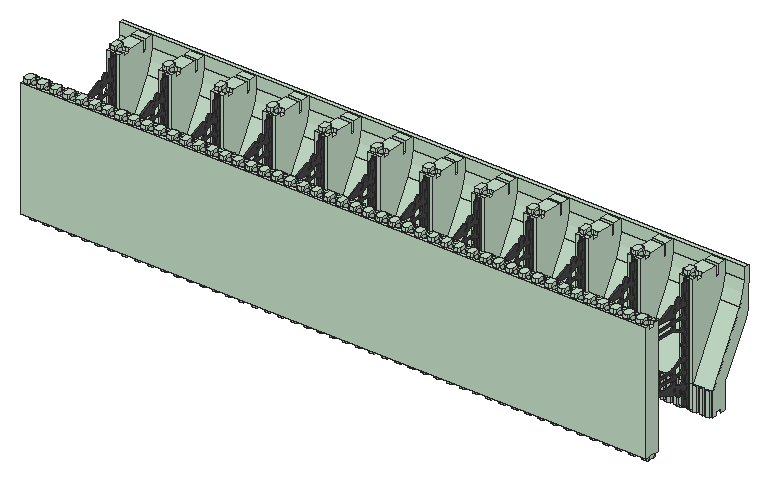
Revit family (continued)
Forms (mm)
  Extrusion 114, void
    sketch origin (2184.4, 0.011, 0) x (1, 0, 0) y (0, 1, 0)
      loop
        arc (25.4, 101.014) -> (26.615, 97.278) -> (29.796, 94.972) r 6.35
        arc (29.796, 94.972) -> (36.091, 93.737) -> (42.5, 94.024) r 26.988
        arc (42.5, 94.024) -> (43.786, 93.668) -> (44.346, 92.457) r 1.587
        line (44.346, 92.457) -> (44.346, 86.829) -> (48.685, 86.829) -> (48.685, 95.62)
        arc (48.685, 95.62) -> (48.795, 96.199) -> (49.108, 96.698) r 1.588
        arc (49.108, 96.698) -> (50.362, 98.696) -> (50.8, 101.014) r 6.35
        line (50.8, 101.014) -> (50.8, 124.411)
        arc (50.8, 124.411) -> (49.585, 128.147) -> (46.404, 130.453) r 6.35
        arc (46.404, 130.453) -> (38.1, 131.763) -> (29.796, 130.453) r 26.987
        arc (29.796, 130.453) -> (26.615, 128.147) -> (25.4, 124.411) r 6.35
    from 0 to 12.7
  Extrusion 115, void
    sketch origin (2133.6, 0.011, 0) x (1, 0, 0) y (0, 1, 0)
      loop
        line (25.4, 124.411) -> (25.4, 101.014)
        arc (25.4, 101.014) -> (26.615, 97.278) -> (29.796, 94.972) r 6.35
        arc (29.796, 94.972) -> (36.091, 93.737) -> (42.5, 94.024) r 26.988
        arc (42.5, 94.024) -> (43.786, 93.668) -> (44.346, 92.457) r 1.587
        line (44.346, 92.457) -> (44.346, 86.829) -> (48.685, 86.829) -> (48.685, 95.62)
        arc (48.685, 95.62) -> (48.795, 96.199) -> (49.108, 96.698) r 1.588
        arc (49.108, 96.698) -> (50.362, 98.696) -> (50.8, 101.014) r 6.35
        line (50.8, 101.014) -> (50.8, 124.411)
        arc (50.8, 124.411) -> (49.585, 128.147) -> (46.404, 130.453) r 6.35
        arc (46.404, 130.453) -> (38.1, 131.763) -> (29.796, 130.453) r 26.987
        arc (29.796, 130.453) -> (26.615, 128.147) -> (25.4, 124.411) r 6.35
    from 0 to 12.7
  Extrusion 116, void
    sketch origin (2082.8, 0.011, 0) x (1, 0, 0) y (0, 1, 0)
      loop
        line (25.4, 124.411) -> (25.4, 101.014)
        arc (25.4, 101.014) -> (26.615, 97.278) -> (29.796, 94.972) r 6.35
        arc (29.796, 94.972) -> (36.091, 93.737) -> (42.5, 94.024) r 26.988
        arc (42.5, 94.024) -> (43.786, 93.668) -> (44.346, 92.457) r 1.587
        line (44.346, 92.457) -> (44.346, 86.829) -> (48.685, 86.829) -> (48.685, 95.62)
        arc (48.685, 95.62) -> (48.795, 96.199) -> (49.108, 96.698) r 1.588
        arc (49.108, 96.698) -> (50.362, 98.696) -> (50.8, 101.014) r 6.35
        line (50.8, 101.014) -> (50.8, 124.411)
        arc (50.8, 124.411) -> (49.585, 128.147) -> (46.404, 130.453) r 6.35
        arc (46.404, 130.453) -> (38.1, 131.763) -> (29.796, 130.453) r 26.987
        arc (29.796, 130.453) -> (26.615, 128.147) -> (25.4, 124.411) r 6.35
    from 0 to 12.7
  Extrusion 117, void
    sketch origin (2032, 0.011, 0) x (1, 0, 0) y (0, 1, 0)
      loop
        line (25.4, 124.411) -> (25.4, 101.014)
        arc (25.4, 101.014) -> (26.615, 97.278) -> (29.796, 94.972) r 6.35
        arc (29.796, 94.972) -> (36.091, 93.737) -> (42.5, 94.024) r 26.988
        arc (42.5, 94.024) -> (43.786, 93.668) -> (44.346, 92.457) r 1.587
        line (44.346, 92.457) -> (44.346, 86.829) -> (48.685, 86.829) -> (48.685, 95.62)
        arc (48.685, 95.62) -> (48.795, 96.199) -> (49.108, 96.698) r 1.588
        arc (49.108, 96.698) -> (50.362, 98.696) -> (50.8, 101.014) r 6.35
        line (50.8, 101.014) -> (50.8, 124.411)
        arc (50.8, 124.411) -> (49.585, 128.147) -> (46.404, 130.453) r 6.35
        arc (46.404, 130.453) -> (38.1, 131.763) -> (29.796, 130.453) r 26.987
        arc (29.796, 130.453) -> (26.615, 128.147) -> (25.4, 124.411) r 6.35
    from 0 to 12.7
  Extrusion 118, void
    sketch origin (1981.2, 0.011, 0) x (1, 0, 0) y (0, 1, 0)
      loop
        line (25.4, 124.411) -> (25.4, 101.014)
        arc (25.4, 101.014) -> (26.615, 97.278) -> (29.796, 94.972) r 6.35
        arc (29.796, 94.972) -> (36.091, 93.737) -> (42.5, 94.024) r 26.988
        arc (42.5, 94.024) -> (43.786, 93.668) -> (44.346, 92.457) r 1.587
        line (44.346, 92.457) -> (44.346, 86.829) -> (48.685, 86.829) -> (48.685, 95.62)
        arc (48.685, 95.62) -> (48.795, 96.199) -> (49.108, 96.698) r 1.588
        arc (49.108, 96.698) -> (50.362, 98.696) -> (50.8, 101.014) r 6.35
        line (50.8, 101.014) -> (50.8, 124.411)
        arc (50.8, 124.411) -> (49.585, 128.147) -> (46.404, 130.453) r 6.35
        arc (46.404, 130.453) -> (38.1, 131.763) -> (29.796, 130.453) r 26.987
        arc (29.796, 130.453) -> (26.615, 128.147) -> (25.4, 124.411) r 6.35
    from 0 to 12.7
  Extrusion 119, void
    sketch origin (1930.4, 0.011, 0) x (1, 0, 0) y (0, 1, 0)
      loop
        line (25.4, 124.411) -> (25.4, 101.014)
        arc (25.4, 101.014) -> (26.615, 97.278) -> (29.796, 94.972) r 6.35
        arc (29.796, 94.972) -> (36.091, 93.737) -> (42.5, 94.024) r 26.988
        arc (42.5, 94.024) -> (43.786, 93.668) -> (44.346, 92.457) r 1.587
        line (44.346, 92.457) -> (44.346, 86.829) -> (48.685, 86.829) -> (48.685, 95.62)
        arc (48.685, 95.62) -> (48.795, 96.199) -> (49.108, 96.698) r 1.588
        arc (49.108, 96.698) -> (50.362, 98.696) -> (50.8, 101.014) r 6.35
        line (50.8, 101.014) -> (50.8, 124.411)
        arc (50.8, 124.411) -> (49.585, 128.147) -> (46.404, 130.453) r 6.35
        arc (46.404, 130.453) -> (38.1, 131.763) -> (29.796, 130.453) r 26.987
        arc (29.796, 130.453) -> (26.615, 128.147) -> (25.4, 124.411) r 6.35
    from 0 to 12.7
  Extrusion 120, void
    sketch origin (1879.6, 0.011, 0) x (1, 0, 0) y (0, 1, 0)
      loop
        line (25.4, 124.411) -> (25.4, 101.014)
        arc (25.4, 101.014) -> (26.615, 97.278) -> (29.796, 94.972) r 6.35
        arc (29.796, 94.972) -> (36.091, 93.737) -> (42.5, 94.024) r 26.988
        arc (42.5, 94.024) -> (43.786, 93.668) -> (44.346, 92.457) r 1.587
        line (44.346, 92.457) -> (44.346, 86.829) -> (48.685, 86.829) -> (48.685, 95.62)
        arc (48.685, 95.62) -> (48.795, 96.199) -> (49.108, 96.698) r 1.588
        arc (49.108, 96.698) -> (50.362, 98.696) -> (50.8, 101.014) r 6.35
        line (50.8, 101.014) -> (50.8, 124.411)
        arc (50.8, 124.411) -> (49.585, 128.147) -> (46.404, 130.453) r 6.35
        arc (46.404, 130.453) -> (38.1, 131.763) -> (29.796, 130.453) r 26.987
        arc (29.796, 130.453) -> (26.615, 128.147) -> (25.4, 124.411) r 6.35
    from 0 to 12.7
  Extrusion 121, void
    sketch origin (1828.8, 0.011, 0) x (1, 0, 0) y (0, 1, 0)
      loop
        line (25.4, 124.411) -> (25.4, 101.014)
        arc (25.4, 101.014) -> (26.615, 97.278) -> (29.796, 94.972) r 6.35
        arc (29.796, 94.972) -> (36.091, 93.737) -> (42.5, 94.024) r 26.988
        arc (42.5, 94.024) -> (43.786, 93.668) -> (44.346, 92.457) r 1.587
        line (44.346, 92.457) -> (44.346, 86.829) -> (48.685, 86.829) -> (48.685, 95.62)
        arc (48.685, 95.62) -> (48.795, 96.199) -> (49.108, 96.698) r 1.588
        arc (49.108, 96.698) -> (50.362, 98.696) -> (50.8, 101.014) r 6.35
        line (50.8, 101.014) -> (50.8, 124.411)
        arc (50.8, 124.411) -> (49.585, 128.147) -> (46.404, 130.453) r 6.35
        arc (46.404, 130.453) -> (38.1, 131.763) -> (29.796, 130.453) r 26.987
        arc (29.796, 130.453) -> (26.615, 128.147) -> (25.4, 124.411) r 6.35
    from 0 to 12.7
  Extrusion 122, void
    sketch origin (1778, 0.011, 0) x (1, 0, 0) y (0, 1, 0)
      loop
        line (25.4, 124.411) -> (25.4, 101.014)
        arc (25.4, 101.014) -> (26.615, 97.278) -> (29.796, 94.972) r 6.35
        arc (29.796, 94.972) -> (36.091, 93.737) -> (42.5, 94.024) r 26.988
        arc (42.5, 94.024) -> (43.786, 93.668) -> (44.346, 92.457) r 1.587
        line (44.346, 92.457) -> (44.346, 86.829) -> (48.685, 86.829) -> (48.685, 95.62)
        arc (48.685, 95.62) -> (48.795, 96.199) -> (49.108, 96.698) r 1.588
        arc (49.108, 96.698) -> (50.362, 98.696) -> (50.8, 101.014) r 6.35
        line (50.8, 101.014) -> (50.8, 124.411)
        arc (50.8, 124.411) -> (49.585, 128.147) -> (46.404, 130.453) r 6.35
        arc (46.404, 130.453) -> (38.1, 131.763) -> (29.796, 130.453) r 26.987
        arc (29.796, 130.453) -> (26.615, 128.147) -> (25.4, 124.411) r 6.35
    from 0 to 12.7
  Extrusion 123, void
    sketch origin (1727.2, 0.011, 0) x (1, 0, 0) y (0, 1, 0)
      loop
        line (25.4, 124.411) -> (25.4, 101.014)
        arc (25.4, 101.014) -> (26.615, 97.278) -> (29.796, 94.972) r 6.35
        arc (29.796, 94.972) -> (36.091, 93.737) -> (42.5, 94.024) r 26.988
        arc (42.5, 94.024) -> (43.786, 93.668) -> (44.346, 92.457) r 1.587
        line (44.346, 92.457) -> (44.346, 86.829) -> (48.685, 86.829) -> (48.685, 95.62)
        arc (48.685, 95.62) -> (48.795, 96.199) -> (49.108, 96.698) r 1.588
        arc (49.108, 96.698) -> (50.362, 98.696) -> (50.8, 101.014) r 6.35
        line (50.8, 101.014) -> (50.8, 124.411)
        arc (50.8, 124.411) -> (49.585, 128.147) -> (46.404, 130.453) r 6.35
        arc (46.404, 130.453) -> (38.1, 131.763) -> (29.796, 130.453) r 26.987
        arc (29.796, 130.453) -> (26.615, 128.147) -> (25.4, 124.411) r 6.35
    from 0 to 12.7
  Extrusion 124, void
    sketch origin (1676.4, 0.011, 0) x (1, 0, 0) y (0, 1, 0)
      loop
        line (25.4, 124.411) -> (25.4, 101.014)
        arc (25.4, 101.014) -> (26.615, 97.278) -> (29.796, 94.972) r 6.35
        arc (29.796, 94.972) -> (36.091, 93.737) -> (42.5, 94.024) r 26.988
        arc (42.5, 94.024) -> (43.786, 93.668) -> (44.346, 92.457) r 1.587
        line (44.346, 92.457) -> (44.346, 86.829) -> (48.685, 86.829) -> (48.685, 95.62)
        arc (48.685, 95.62) -> (48.795, 96.199) -> (49.108, 96.698) r 1.588
        arc (49.108, 96.698) -> (50.362, 98.696) -> (50.8, 101.014) r 6.35
        line (50.8, 101.014) -> (50.8, 124.411)
        arc (50.8, 124.411) -> (49.585, 128.147) -> (46.404, 130.453) r 6.35
        arc (46.404, 130.453) -> (38.1, 131.763) -> (29.796, 130.453) r 26.987
        arc (29.796, 130.453) -> (26.615, 128.147) -> (25.4, 124.411) r 6.35
    from 0 to 12.7
  Extrusion 125, void
    sketch origin (1625.6, 0.011, 0) x (1, 0, 0) y (0, 1, 0)
      loop
        line (25.4, 124.411) -> (25.4, 101.014)
        arc (25.4, 101.014) -> (26.615, 97.278) -> (29.796, 94.972) r 6.35
        arc (29.796, 94.972) -> (36.091, 93.737) -> (42.5, 94.024) r 26.988
        arc (42.5, 94.024) -> (43.786, 93.668) -> (44.346, 92.457) r 1.587
        line (44.346, 92.457) -> (44.346, 86.829) -> (48.685, 86.829) -> (48.685, 95.62)
        arc (48.685, 95.62) -> (48.795, 96.199) -> (49.108, 96.698) r 1.588
        arc (49.108, 96.698) -> (50.362, 98.696) -> (50.8, 101.014) r 6.35
        line (50.8, 101.014) -> (50.8, 124.411)
        arc (50.8, 124.411) -> (49.585, 128.147) -> (46.404, 130.453) r 6.35
        arc (46.404, 130.453) -> (38.1, 131.763) -> (29.796, 130.453) r 26.987
        arc (29.796, 130.453) -> (26.615, 128.147) -> (25.4, 124.411) r 6.35
    from 0 to 12.7
  Extrusion 126, void
    sketch origin (1574.8, 0.011, 0) x (1, 0, 0) y (0, 1, 0)
      loop
        line (25.4, 124.411) -> (25.4, 101.014)
        arc (25.4, 101.014) -> (26.615, 97.278) -> (29.796, 94.972) r 6.35
        arc (29.796, 94.972) -> (36.091, 93.737) -> (42.5, 94.024) r 26.988
        arc (42.5, 94.024) -> (43.786, 93.668) -> (44.346, 92.457) r 1.587
        line (44.346, 92.457) -> (44.346, 86.829) -> (48.685, 86.829) -> (48.685, 95.62)
        arc (48.685, 95.62) -> (48.795, 96.199) -> (49.108, 96.698) r 1.588
        arc (49.108, 96.698) -> (50.362, 98.696) -> (50.8, 101.014) r 6.35
        line (50.8, 101.014) -> (50.8, 124.411)
        arc (50.8, 124.411) -> (49.585, 128.147) -> (46.404, 130.453) r 6.35
        arc (46.404, 130.453) -> (38.1, 131.763) -> (29.796, 130.453) r 26.987
        arc (29.796, 130.453) -> (26.615, 128.147) -> (25.4, 124.411) r 6.35
    from 0 to 12.7
  Extrusion 127, void
    sketch origin (1524, 0.011, 0) x (1, 0, 0) y (0, 1, 0)
      loop
        line (25.4, 124.411) -> (25.4, 101.014)
        arc (25.4, 101.014) -> (26.615, 97.278) -> (29.796, 94.972) r 6.35
        arc (29.796, 94.972) -> (36.091, 93.737) -> (42.5, 94.024) r 26.988
        arc (42.5, 94.024) -> (43.786, 93.668) -> (44.346, 92.457) r 1.587
        line (44.346, 92.457) -> (44.346, 86.829) -> (48.685, 86.829) -> (48.685, 95.62)
        arc (48.685, 95.62) -> (48.795, 96.199) -> (49.108, 96.698) r 1.588
        arc (49.108, 96.698) -> (50.362, 98.696) -> (50.8, 101.014) r 6.35
        line (50.8, 101.014) -> (50.8, 124.411)
        arc (50.8, 124.411) -> (49.585, 128.147) -> (46.404, 130.453) r 6.35
        arc (46.404, 130.453) -> (38.1, 131.763) -> (29.796, 130.453) r 26.987
        arc (29.796, 130.453) -> (26.615, 128.147) -> (25.4, 124.411) r 6.35
    from 0 to 12.7
  Extrusion 128, void
    sketch origin (1473.2, 0.011, 0) x (1, 0, 0) y (0, 1, 0)
      loop
        line (25.4, 124.411) -> (25.4, 101.014)
        arc (25.4, 101.014) -> (26.615, 97.278) -> (29.796, 94.972) r 6.35
        arc (29.796, 94.972) -> (36.091, 93.737) -> (42.5, 94.024) r 26.988
        arc (42.5, 94.024) -> (43.786, 93.668) -> (44.346, 92.457) r 1.587
        line (44.346, 92.457) -> (44.346, 86.829) -> (48.685, 86.829) -> (48.685, 95.62)
        arc (48.685, 95.62) -> (48.795, 96.199) -> (49.108, 96.698) r 1.588
        arc (49.108, 96.698) -> (50.362, 98.696) -> (50.8, 101.014) r 6.35
        line (50.8, 101.014) -> (50.8, 124.411)
        arc (50.8, 124.411) -> (49.585, 128.147) -> (46.404, 130.453) r 6.35
        arc (46.404, 130.453) -> (38.1, 131.763) -> (29.796, 130.453) r 26.987
        arc (29.796, 130.453) -> (26.615, 128.147) -> (25.4, 124.411) r 6.35
    from 0 to 12.7
  Extrusion 129, void
    sketch origin (1422.4, 0.011, 0) x (1, 0, 0) y (0, 1, 0)
      loop
        line (25.4, 124.411) -> (25.4, 101.014)
        arc (25.4, 101.014) -> (26.615, 97.278) -> (29.796, 94.972) r 6.35
        arc (29.796, 94.972) -> (36.091, 93.737) -> (42.5, 94.024) r 26.988
        arc (42.5, 94.024) -> (43.786, 93.668) -> (44.346, 92.457) r 1.587
        line (44.346, 92.457) -> (44.346, 86.829) -> (48.685, 86.829) -> (48.685, 95.62)
        arc (48.685, 95.62) -> (48.795, 96.199) -> (49.108, 96.698) r 1.588
        arc (49.108, 96.698) -> (50.362, 98.696) -> (50.8, 101.014) r 6.35
        line (50.8, 101.014) -> (50.8, 124.411)
        arc (50.8, 124.411) -> (49.585, 128.147) -> (46.404, 130.453) r 6.35
        arc (46.404, 130.453) -> (38.1, 131.763) -> (29.796, 130.453) r 26.987
        arc (29.796, 130.453) -> (26.615, 128.147) -> (25.4, 124.411) r 6.35
    from 0 to 12.7
  Extrusion 130, void
    sketch origin (1371.6, 0.011, 0) x (1, 0, 0) y (0, 1, 0)
      loop
        line (25.4, 124.411) -> (25.4, 101.014)
        arc (25.4, 101.014) -> (26.615, 97.278) -> (29.796, 94.972) r 6.35
        arc (29.796, 94.972) -> (36.091, 93.737) -> (42.5, 94.024) r 26.988
        arc (42.5, 94.024) -> (43.786, 93.668) -> (44.346, 92.457) r 1.587
        line (44.346, 92.457) -> (44.346, 86.829) -> (48.685, 86.829) -> (48.685, 95.62)
        arc (48.685, 95.62) -> (48.795, 96.199) -> (49.108, 96.698) r 1.588
        arc (49.108, 96.698) -> (50.362, 98.696) -> (50.8, 101.014) r 6.35
        line (50.8, 101.014) -> (50.8, 124.411)
        arc (50.8, 124.411) -> (49.585, 128.147) -> (46.404, 130.453) r 6.35
        arc (46.404, 130.453) -> (38.1, 131.763) -> (29.796, 130.453) r 26.987
        arc (29.796, 130.453) -> (26.615, 128.147) -> (25.4, 124.411) r 6.35
    from 0 to 12.7
  Extrusion 131, void
    sketch origin (1320.8, 0.011, 0) x (1, 0, 0) y (0, 1, 0)
      loop
        line (25.4, 124.411) -> (25.4, 101.014)
        arc (25.4, 101.014) -> (26.615, 97.278) -> (29.796, 94.972) r 6.35
        arc (29.796, 94.972) -> (36.091, 93.737) -> (42.5, 94.024) r 26.988
        arc (42.5, 94.024) -> (43.786, 93.668) -> (44.346, 92.457) r 1.587
        line (44.346, 92.457) -> (44.346, 86.829) -> (48.685, 86.829) -> (48.685, 95.62)
        arc (48.685, 95.62) -> (48.795, 96.199) -> (49.108, 96.698) r 1.588
        arc (49.108, 96.698) -> (50.362, 98.696) -> (50.8, 101.014) r 6.35
        line (50.8, 101.014) -> (50.8, 124.411)
        arc (50.8, 124.411) -> (49.585, 128.147) -> (46.404, 130.453) r 6.35
        arc (46.404, 130.453) -> (38.1, 131.763) -> (29.796, 130.453) r 26.987
        arc (29.796, 130.453) -> (26.615, 128.147) -> (25.4, 124.411) r 6.35
    from 0 to 12.7
  Extrusion 132, void
    sketch origin (1270, 0.011, 0) x (1, 0, 0) y (0, 1, 0)
      loop
        line (25.4, 124.411) -> (25.4, 101.014)
        arc (25.4, 101.014) -> (26.615, 97.278) -> (29.796, 94.972) r 6.35
        arc (29.796, 94.972) -> (36.091, 93.737) -> (42.5, 94.024) r 26.988
        arc (42.5, 94.024) -> (43.786, 93.668) -> (44.346, 92.457) r 1.587
        line (44.346, 92.457) -> (44.346, 86.829) -> (48.685, 86.829) -> (48.685, 95.62)
        arc (48.685, 95.62) -> (48.795, 96.199) -> (49.108, 96.698) r 1.588
        arc (49.108, 96.698) -> (50.362, 98.696) -> (50.8, 101.014) r 6.35
        line (50.8, 101.014) -> (50.8, 124.411)
        arc (50.8, 124.411) -> (49.585, 128.147) -> (46.404, 130.453) r 6.35
        arc (46.404, 130.453) -> (38.1, 131.763) -> (29.796, 130.453) r 26.987
        arc (29.796, 130.453) -> (26.615, 128.147) -> (25.4, 124.411) r 6.35
    from 0 to 12.7
  Extrusion 133, void
    sketch origin (1219.2, 0.011, 0) x (1, 0, 0) y (0, 1, 0)
      loop
        line (25.4, 124.411) -> (25.4, 101.014)
        arc (25.4, 101.014) -> (26.615, 97.278) -> (29.796, 94.972) r 6.35
        arc (29.796, 94.972) -> (36.091, 93.737) -> (42.5, 94.024) r 26.988
        arc (42.5, 94.024) -> (43.786, 93.668) -> (44.346, 92.457) r 1.587
        line (44.346, 92.457) -> (44.346, 86.829) -> (48.685, 86.829) -> (48.685, 95.62)
        arc (48.685, 95.62) -> (48.795, 96.199) -> (49.108, 96.698) r 1.588
        arc (49.108, 96.698) -> (50.362, 98.696) -> (50.8, 101.014) r 6.35
        line (50.8, 101.014) -> (50.8, 124.411)
        arc (50.8, 124.411) -> (49.585, 128.147) -> (46.404, 130.453) r 6.35
        arc (46.404, 130.453) -> (38.1, 131.763) -> (29.796, 130.453) r 26.987
        arc (29.796, 130.453) -> (26.615, 128.147) -> (25.4, 124.411) r 6.35
    from 0 to 12.7
  Extrusion 134, void
    sketch origin (1168.4, 0.011, 0) x (1, 0, 0) y (0, 1, 0)
      loop
        line (25.4, 124.411) -> (25.4, 101.014)
        arc (25.4, 101.014) -> (26.615, 97.278) -> (29.796, 94.972) r 6.35
        arc (29.796, 94.972) -> (36.091, 93.737) -> (42.5, 94.024) r 26.988
        arc (42.5, 94.024) -> (43.786, 93.668) -> (44.346, 92.457) r 1.587
        line (44.346, 92.457) -> (44.346, 86.829) -> (48.685, 86.829) -> (48.685, 95.62)
        arc (48.685, 95.62) -> (48.795, 96.199) -> (49.108, 96.698) r 1.588
        arc (49.108, 96.698) -> (50.362, 98.696) -> (50.8, 101.014) r 6.35
        line (50.8, 101.014) -> (50.8, 124.411)
        arc (50.8, 124.411) -> (49.585, 128.147) -> (46.404, 130.453) r 6.35
        arc (46.404, 130.453) -> (38.1, 131.763) -> (29.796, 130.453) r 26.987
        arc (29.796, 130.453) -> (26.615, 128.147) -> (25.4, 124.411) r 6.35
    from 0 to 12.7
  Extrusion 135, void
    sketch origin (1117.6, 0.011, 0) x (1, 0, 0) y (0, 1, 0)
      loop
        line (25.4, 124.411) -> (25.4, 101.014)
        arc (25.4, 101.014) -> (26.615, 97.278) -> (29.796, 94.972) r 6.35
        arc (29.796, 94.972) -> (36.091, 93.737) -> (42.5, 94.024) r 26.988
        arc (42.5, 94.024) -> (43.786, 93.668) -> (44.346, 92.457) r 1.587
        line (44.346, 92.457) -> (44.346, 86.829) -> (48.685, 86.829) -> (48.685, 95.62)
        arc (48.685, 95.62) -> (48.795, 96.199) -> (49.108, 96.698) r 1.588
        arc (49.108, 96.698) -> (50.362, 98.696) -> (50.8, 101.014) r 6.35
        line (50.8, 101.014) -> (50.8, 124.411)
        arc (50.8, 124.411) -> (49.585, 128.147) -> (46.404, 130.453) r 6.35
        arc (46.404, 130.453) -> (38.1, 131.763) -> (29.796, 130.453) r 26.987
        arc (29.796, 130.453) -> (26.615, 128.147) -> (25.4, 124.411) r 6.35
    from 0 to 12.7
  Extrusion 136, void
    sketch origin (1066.8, 0.011, 0) x (1, 0, 0) y (0, 1, 0)
      loop
        line (25.4, 124.411) -> (25.4, 101.014)
        arc (25.4, 101.014) -> (26.615, 97.278) -> (29.796, 94.972) r 6.35
        arc (29.796, 94.972) -> (36.091, 93.737) -> (42.5, 94.024) r 26.988
        arc (42.5, 94.024) -> (43.786, 93.668) -> (44.346, 92.457) r 1.587
        line (44.346, 92.457) -> (44.346, 86.829) -> (48.685, 86.829) -> (48.685, 95.62)
        arc (48.685, 95.62) -> (48.795, 96.199) -> (49.108, 96.698) r 1.588
        arc (49.108, 96.698) -> (50.362, 98.696) -> (50.8, 101.014) r 6.35
        line (50.8, 101.014) -> (50.8, 124.411)
        arc (50.8, 124.411) -> (49.585, 128.147) -> (46.404, 130.453) r 6.35
        arc (46.404, 130.453) -> (38.1, 131.763) -> (29.796, 130.453) r 26.987
        arc (29.796, 130.453) -> (26.615, 128.147) -> (25.4, 124.411) r 6.35
    from 0 to 12.7
  Extrusion 137, void
    sketch origin (1016, 0.011, 0) x (1, 0, 0) y (0, 1, 0)
      loop
        line (25.4, 124.411) -> (25.4, 101.014)
        arc (25.4, 101.014) -> (26.615, 97.278) -> (29.796, 94.972) r 6.35
        arc (29.796, 94.972) -> (36.091, 93.737) -> (42.5, 94.024) r 26.988
        arc (42.5, 94.024) -> (43.786, 93.668) -> (44.346, 92.457) r 1.587
        line (44.346, 92.457) -> (44.346, 86.829) -> (48.685, 86.829) -> (48.685, 95.62)
        arc (48.685, 95.62) -> (48.795, 96.199) -> (49.108, 96.698) r 1.588
        arc (49.108, 96.698) -> (50.362, 98.696) -> (50.8, 101.014) r 6.35
        line (50.8, 101.014) -> (50.8, 124.411)
        arc (50.8, 124.411) -> (49.585, 128.147) -> (46.404, 130.453) r 6.35
        arc (46.404, 130.453) -> (38.1, 131.763) -> (29.796, 130.453) r 26.987
        arc (29.796, 130.453) -> (26.615, 128.147) -> (25.4, 124.411) r 6.35
    from 0 to 12.7
  Extrusion 138, void
    sketch origin (965.2, 0.011, 0) x (1, 0, 0) y (0, 1, 0)
      loop
        line (25.4, 124.411) -> (25.4, 101.014)
        arc (25.4, 101.014) -> (26.615, 97.278) -> (29.796, 94.972) r 6.35
        arc (29.796, 94.972) -> (36.091, 93.737) -> (42.5, 94.024) r 26.988
        arc (42.5, 94.024) -> (43.786, 93.668) -> (44.346, 92.457) r 1.587
        line (44.346, 92.457) -> (44.346, 86.829) -> (48.685, 86.829) -> (48.685, 95.62)
        arc (48.685, 95.62) -> (48.795, 96.199) -> (49.108, 96.698) r 1.588
        arc (49.108, 96.698) -> (50.362, 98.696) -> (50.8, 101.014) r 6.35
        line (50.8, 101.014) -> (50.8, 124.411)
        arc (50.8, 124.411) -> (49.585, 128.147) -> (46.404, 130.453) r 6.35
        arc (46.404, 130.453) -> (38.1, 131.763) -> (29.796, 130.453) r 26.987
        arc (29.796, 130.453) -> (26.615, 128.147) -> (25.4, 124.411) r 6.35
    from 0 to 12.7
  Extrusion 139, void
    sketch origin (914.4, 0.011, 0) x (1, 0, 0) y (0, 1, 0)
      loop
        line (25.4, 124.411) -> (25.4, 101.014)
        arc (25.4, 101.014) -> (26.615, 97.278) -> (29.796, 94.972) r 6.35
        arc (29.796, 94.972) -> (36.091, 93.737) -> (42.5, 94.024) r 26.988
        arc (42.5, 94.024) -> (43.786, 93.668) -> (44.346, 92.457) r 1.587
        line (44.346, 92.457) -> (44.346, 86.829) -> (48.685, 86.829) -> (48.685, 95.62)
        arc (48.685, 95.62) -> (48.795, 96.199) -> (49.108, 96.698) r 1.588
        arc (49.108, 96.698) -> (50.362, 98.696) -> (50.8, 101.014) r 6.35
        line (50.8, 101.014) -> (50.8, 124.411)
        arc (50.8, 124.411) -> (49.585, 128.147) -> (46.404, 130.453) r 6.35
        arc (46.404, 130.453) -> (38.1, 131.763) -> (29.796, 130.453) r 26.987
        arc (29.796, 130.453) -> (26.615, 128.147) -> (25.4, 124.411) r 6.35
    from 0 to 12.7
  Extrusion 140, void
    sketch origin (863.6, 0.011, 0) x (1, 0, 0) y (0, 1, 0)
      loop
        line (25.4, 124.411) -> (25.4, 101.014)
        arc (25.4, 101.014) -> (26.615, 97.278) -> (29.796, 94.972) r 6.35
        arc (29.796, 94.972) -> (36.091, 93.737) -> (42.5, 94.024) r 26.988
        arc (42.5, 94.024) -> (43.786, 93.668) -> (44.346, 92.457) r 1.587
        line (44.346, 92.457) -> (44.346, 86.829) -> (48.685, 86.829) -> (48.685, 95.62)
        arc (48.685, 95.62) -> (48.795, 96.199) -> (49.108, 96.698) r 1.588
        arc (49.108, 96.698) -> (50.362, 98.696) -> (50.8, 101.014) r 6.35
        line (50.8, 101.014) -> (50.8, 124.411)
        arc (50.8, 124.411) -> (49.585, 128.147) -> (46.404, 130.453) r 6.35
        arc (46.404, 130.453) -> (38.1, 131.763) -> (29.796, 130.453) r 26.987
        arc (29.796, 130.453) -> (26.615, 128.147) -> (25.4, 124.411) r 6.35
    from 0 to 12.7
  Extrusion 141, void
    sketch origin (812.8, 0.011, 0) x (1, 0, 0) y (0, 1, 0)
      loop
        line (25.4, 124.411) -> (25.4, 101.014)
        arc (25.4, 101.014) -> (26.615, 97.278) -> (29.796, 94.972) r 6.35
        arc (29.796, 94.972) -> (36.091, 93.737) -> (42.5, 94.024) r 26.988
        arc (42.5, 94.024) -> (43.786, 93.668) -> (44.346, 92.457) r 1.587
        line (44.346, 92.457) -> (44.346, 86.829) -> (48.685, 86.829) -> (48.685, 95.62)
        arc (48.685, 95.62) -> (48.795, 96.199) -> (49.108, 96.698) r 1.588
        arc (49.108, 96.698) -> (50.362, 98.696) -> (50.8, 101.014) r 6.35
        line (50.8, 101.014) -> (50.8, 124.411)
        arc (50.8, 124.411) -> (49.585, 128.147) -> (46.404, 130.453) r 6.35
        arc (46.404, 130.453) -> (38.1, 131.763) -> (29.796, 130.453) r 26.987
        arc (29.796, 130.453) -> (26.615, 128.147) -> (25.4, 124.411) r 6.35
    from 0 to 12.7
  Extrusion 142, void
    sketch origin (762, 0.011, 0) x (1, 0, 0) y (0, 1, 0)
      loop
        line (25.4, 124.411) -> (25.4, 101.014)
        arc (25.4, 101.014) -> (26.615, 97.278) -> (29.796, 94.972) r 6.35
        arc (29.796, 94.972) -> (36.091, 93.737) -> (42.5, 94.024) r 26.988
        arc (42.5, 94.024) -> (43.786, 93.668) -> (44.346, 92.457) r 1.587
        line (44.346, 92.457) -> (44.346, 86.829) -> (48.685, 86.829) -> (48.685, 95.62)
        arc (48.685, 95.62) -> (48.795, 96.199) -> (49.108, 96.698) r 1.588
        arc (49.108, 96.698) -> (50.362, 98.696) -> (50.8, 101.014) r 6.35
        line (50.8, 101.014) -> (50.8, 124.411)
        arc (50.8, 124.411) -> (49.585, 128.147) -> (46.404, 130.453) r 6.35
        arc (46.404, 130.453) -> (38.1, 131.763) -> (29.796, 130.453) r 26.987
        arc (29.796, 130.453) -> (26.615, 128.147) -> (25.4, 124.411) r 6.35
    from 0 to 12.7
  Extrusion 143, void
    sketch origin (711.2, 0.011, 0) x (1, 0, 0) y (0, 1, 0)
      loop
        line (25.4, 124.411) -> (25.4, 101.014)
        arc (25.4, 101.014) -> (26.615, 97.278) -> (29.796, 94.972) r 6.35
        arc (29.796, 94.972) -> (36.091, 93.737) -> (42.5, 94.024) r 26.988
        arc (42.5, 94.024) -> (43.786, 93.668) -> (44.346, 92.457) r 1.587
        line (44.346, 92.457) -> (44.346, 86.829) -> (48.685, 86.829) -> (48.685, 95.62)
        arc (48.685, 95.62) -> (48.795, 96.199) -> (49.108, 96.698) r 1.588
        arc (49.108, 96.698) -> (50.362, 98.696) -> (50.8, 101.014) r 6.35
        line (50.8, 101.014) -> (50.8, 124.411)
        arc (50.8, 124.411) -> (49.585, 128.147) -> (46.404, 130.453) r 6.35
        arc (46.404, 130.453) -> (38.1, 131.763) -> (29.796, 130.453) r 26.987
        arc (29.796, 130.453) -> (26.615, 128.147) -> (25.4, 124.411) r 6.35
    from 0 to 12.7
  Extrusion 144, void
    sketch origin (660.4, 0.011, 0) x (1, 0, 0) y (0, 1, 0)
      loop
        line (25.4, 124.411) -> (25.4, 101.014)
        arc (25.4, 101.014) -> (26.615, 97.278) -> (29.796, 94.972) r 6.35
        arc (29.796, 94.972) -> (36.091, 93.737) -> (42.5, 94.024) r 26.988
        arc (42.5, 94.024) -> (43.786, 93.668) -> (44.346, 92.457) r 1.587
        line (44.346, 92.457) -> (44.346, 86.829) -> (48.685, 86.829) -> (48.685, 95.62)
        arc (48.685, 95.62) -> (48.795, 96.199) -> (49.108, 96.698) r 1.588
        arc (49.108, 96.698) -> (50.362, 98.696) -> (50.8, 101.014) r 6.35
        line (50.8, 101.014) -> (50.8, 124.411)
        arc (50.8, 124.411) -> (49.585, 128.147) -> (46.404, 130.453) r 6.35
        arc (46.404, 130.453) -> (38.1, 131.763) -> (29.796, 130.453) r 26.987
        arc (29.796, 130.453) -> (26.615, 128.147) -> (25.4, 124.411) r 6.35
    from 0 to 12.7
  Extrusion 145, void
    sketch origin (609.6, 0.011, 0) x (1, 0, 0) y (0, 1, 0)
      loop
        line (25.4, 124.411) -> (25.4, 101.014)
        arc (25.4, 101.014) -> (26.615, 97.278) -> (29.796, 94.972) r 6.35
        arc (29.796, 94.972) -> (36.091, 93.737) -> (42.5, 94.024) r 26.988
        arc (42.5, 94.024) -> (43.786, 93.668) -> (44.346, 92.457) r 1.587
        line (44.346, 92.457) -> (44.346, 86.829) -> (48.685, 86.829) -> (48.685, 95.62)
        arc (48.685, 95.62) -> (48.795, 96.199) -> (49.108, 96.698) r 1.588
        arc (49.108, 96.698) -> (50.362, 98.696) -> (50.8, 101.014) r 6.35
        line (50.8, 101.014) -> (50.8, 124.411)
        arc (50.8, 124.411) -> (49.585, 128.147) -> (46.404, 130.453) r 6.35
        arc (46.404, 130.453) -> (38.1, 131.763) -> (29.796, 130.453) r 26.987
        arc (29.796, 130.453) -> (26.615, 128.147) -> (25.4, 124.411) r 6.35
    from 0 to 12.7
  Extrusion 146, void
    sketch origin (558.8, 0.011, 0) x (1, 0, 0) y (0, 1, 0)
      loop
        line (25.4, 124.411) -> (25.4, 101.014)
        arc (25.4, 101.014) -> (26.615, 97.278) -> (29.796, 94.972) r 6.35
        arc (29.796, 94.972) -> (36.091, 93.737) -> (42.5, 94.024) r 26.988
        arc (42.5, 94.024) -> (43.786, 93.668) -> (44.346, 92.457) r 1.587
        line (44.346, 92.457) -> (44.346, 86.829) -> (48.685, 86.829) -> (48.685, 95.62)
        arc (48.685, 95.62) -> (48.795, 96.199) -> (49.108, 96.698) r 1.588
        arc (49.108, 96.698) -> (50.362, 98.696) -> (50.8, 101.014) r 6.35
        line (50.8, 101.014) -> (50.8, 124.411)
        arc (50.8, 124.411) -> (49.585, 128.147) -> (46.404, 130.453) r 6.35
        arc (46.404, 130.453) -> (38.1, 131.763) -> (29.796, 130.453) r 26.987
        arc (29.796, 130.453) -> (26.615, 128.147) -> (25.4, 124.411) r 6.35
    from 0 to 12.7
  Extrusion 147, void
    sketch origin (508, 0.011, 0) x (1, 0, 0) y (0, 1, 0)
      loop
        line (25.4, 124.411) -> (25.4, 101.014)
        arc (25.4, 101.014) -> (26.615, 97.278) -> (29.796, 94.972) r 6.35
        arc (29.796, 94.972) -> (36.091, 93.737) -> (42.5, 94.024) r 26.988
        arc (42.5, 94.024) -> (43.786, 93.668) -> (44.346, 92.457) r 1.587
        line (44.346, 92.457) -> (44.346, 86.829) -> (48.685, 86.829) -> (48.685, 95.62)
        arc (48.685, 95.62) -> (48.795, 96.199) -> (49.108, 96.698) r 1.588
        arc (49.108, 96.698) -> (50.362, 98.696) -> (50.8, 101.014) r 6.35
        line (50.8, 101.014) -> (50.8, 124.411)
        arc (50.8, 124.411) -> (49.585, 128.147) -> (46.404, 130.453) r 6.35
        arc (46.404, 130.453) -> (38.1, 131.763) -> (29.796, 130.453) r 26.987
        arc (29.796, 130.453) -> (26.615, 128.147) -> (25.4, 124.411) r 6.35
    from 0 to 12.7
  Extrusion 148, void
    sketch origin (457.2, 0.011, 0) x (1, 0, 0) y (0, 1, 0)
      loop
        line (25.4, 124.411) -> (25.4, 101.014)
        arc (25.4, 101.014) -> (26.615, 97.278) -> (29.796, 94.972) r 6.35
        arc (29.796, 94.972) -> (36.091, 93.737) -> (42.5, 94.024) r 26.988
        arc (42.5, 94.024) -> (43.786, 93.668) -> (44.346, 92.457) r 1.587
        line (44.346, 92.457) -> (44.346, 86.829) -> (48.685, 86.829) -> (48.685, 95.62)
        arc (48.685, 95.62) -> (48.795, 96.199) -> (49.108, 96.698) r 1.588
        arc (49.108, 96.698) -> (50.362, 98.696) -> (50.8, 101.014) r 6.35
        line (50.8, 101.014) -> (50.8, 124.411)
        arc (50.8, 124.411) -> (49.585, 128.147) -> (46.404, 130.453) r 6.35
        arc (46.404, 130.453) -> (38.1, 131.763) -> (29.796, 130.453) r 26.987
        arc (29.796, 130.453) -> (26.615, 128.147) -> (25.4, 124.411) r 6.35
    from 0 to 12.7
  Extrusion 149, void
    sketch origin (406.4, 0.011, 0) x (1, 0, 0) y (0, 1, 0)
      loop
        line (25.4, 124.411) -> (25.4, 101.014)
        arc (25.4, 101.014) -> (26.615, 97.278) -> (29.796, 94.972) r 6.35
        arc (29.796, 94.972) -> (36.091, 93.737) -> (42.5, 94.024) r 26.988
        arc (42.5, 94.024) -> (43.786, 93.668) -> (44.346, 92.457) r 1.587
        line (44.346, 92.457) -> (44.346, 86.829) -> (48.685, 86.829) -> (48.685, 95.62)
        arc (48.685, 95.62) -> (48.795, 96.199) -> (49.108, 96.698) r 1.588
        arc (49.108, 96.698) -> (50.362, 98.696) -> (50.8, 101.014) r 6.35
        line (50.8, 101.014) -> (50.8, 124.411)
        arc (50.8, 124.411) -> (49.585, 128.147) -> (46.404, 130.453) r 6.35
        arc (46.404, 130.453) -> (38.1, 131.763) -> (29.796, 130.453) r 26.987
        arc (29.796, 130.453) -> (26.615, 128.147) -> (25.4, 124.411) r 6.35
    from 0 to 12.7
  Extrusion 150, void
    sketch origin (355.6, 0.011, 0) x (1, 0, 0) y (0, 1, 0)
      loop
        line (25.4, 124.411) -> (25.4, 101.014)
        arc (25.4, 101.014) -> (26.615, 97.278) -> (29.796, 94.972) r 6.35
        arc (29.796, 94.972) -> (36.091, 93.737) -> (42.5, 94.024) r 26.988
        arc (42.5, 94.024) -> (43.786, 93.668) -> (44.346, 92.457) r 1.587
        line (44.346, 92.457) -> (44.346, 86.829) -> (48.685, 86.829) -> (48.685, 95.62)
        arc (48.685, 95.62) -> (48.795, 96.199) -> (49.108, 96.698) r 1.588
        arc (49.108, 96.698) -> (50.362, 98.696) -> (50.8, 101.014) r 6.35
        line (50.8, 101.014) -> (50.8, 124.411)
        arc (50.8, 124.411) -> (49.585, 128.147) -> (46.404, 130.453) r 6.35
        arc (46.404, 130.453) -> (38.1, 131.763) -> (29.796, 130.453) r 26.987
        arc (29.796, 130.453) -> (26.615, 128.147) -> (25.4, 124.411) r 6.35
    from 0 to 12.7
  Extrusion 151, void
    sketch origin (304.8, 0.011, 0) x (1, 0, 0) y (0, 1, 0)
      loop
        line (25.4, 124.411) -> (25.4, 101.014)
        arc (25.4, 101.014) -> (26.615, 97.278) -> (29.796, 94.972) r 6.35
        arc (29.796, 94.972) -> (36.091, 93.737) -> (42.5, 94.024) r 26.988
        arc (42.5, 94.024) -> (43.786, 93.668) -> (44.346, 92.457) r 1.587
        line (44.346, 92.457) -> (44.346, 86.829) -> (48.685, 86.829) -> (48.685, 95.62)
        arc (48.685, 95.62) -> (48.795, 96.199) -> (49.108, 96.698) r 1.588
        arc (49.108, 96.698) -> (50.362, 98.696) -> (50.8, 101.014) r 6.35
        line (50.8, 101.014) -> (50.8, 124.411)
        arc (50.8, 124.411) -> (49.585, 128.147) -> (46.404, 130.453) r 6.35
        arc (46.404, 130.453) -> (38.1, 131.763) -> (29.796, 130.453) r 26.987
        arc (29.796, 130.453) -> (26.615, 128.147) -> (25.4, 124.411) r 6.35
    from 0 to 12.7
  Extrusion 152, void
    sketch origin (254, 0.011, 0) x (1, 0, 0) y (0, 1, 0)
      loop
        line (25.4, 124.411) -> (25.4, 101.014)
        arc (25.4, 101.014) -> (26.615, 97.278) -> (29.796, 94.972) r 6.35
        arc (29.796, 94.972) -> (36.091, 93.737) -> (42.5, 94.024) r 26.988
        arc (42.5, 94.024) -> (43.786, 93.668) -> (44.346, 92.457) r 1.587
        line (44.346, 92.457) -> (44.346, 86.829) -> (48.685, 86.829) -> (48.685, 95.62)
        arc (48.685, 95.62) -> (48.795, 96.199) -> (49.108, 96.698) r 1.588
        arc (49.108, 96.698) -> (50.362, 98.696) -> (50.8, 101.014) r 6.35
        line (50.8, 101.014) -> (50.8, 124.411)
        arc (50.8, 124.411) -> (49.585, 128.147) -> (46.404, 130.453) r 6.35
        arc (46.404, 130.453) -> (38.1, 131.763) -> (29.796, 130.453) r 26.987
        arc (29.796, 130.453) -> (26.615, 128.147) -> (25.4, 124.411) r 6.35
    from 0 to 12.7
  Extrusion 153, void
    sketch origin (203.2, 0.011, 0) x (1, 0, 0) y (0, 1, 0)
      loop
        line (25.4, 124.411) -> (25.4, 101.014)
        arc (25.4, 101.014) -> (26.615, 97.278) -> (29.796, 94.972) r 6.35
        arc (29.796, 94.972) -> (36.091, 93.737) -> (42.5, 94.024) r 26.988
        arc (42.5, 94.024) -> (43.786, 93.668) -> (44.346, 92.457) r 1.587
        line (44.346, 92.457) -> (44.346, 86.829) -> (48.685, 86.829) -> (48.685, 95.62)
        arc (48.685, 95.62) -> (48.795, 96.199) -> (49.108, 96.698) r 1.588
        arc (49.108, 96.698) -> (50.362, 98.696) -> (50.8, 101.014) r 6.35
        line (50.8, 101.014) -> (50.8, 124.411)
        arc (50.8, 124.411) -> (49.585, 128.147) -> (46.404, 130.453) r 6.35
        arc (46.404, 130.453) -> (38.1, 131.763) -> (29.796, 130.453) r 26.987
        arc (29.796, 130.453) -> (26.615, 128.147) -> (25.4, 124.411) r 6.35
    from 0 to 12.7
  Extrusion 154, void
    sketch origin (152.4, 0.011, 0) x (1, 0, 0) y (0, 1, 0)
      loop
        line (25.4, 124.411) -> (25.4, 101.014)
        arc (25.4, 101.014) -> (26.615, 97.278) -> (29.796, 94.972) r 6.35
        arc (29.796, 94.972) -> (36.091, 93.737) -> (42.5, 94.024) r 26.988
        arc (42.5, 94.024) -> (43.786, 93.668) -> (44.346, 92.457) r 1.587
        line (44.346, 92.457) -> (44.346, 86.829) -> (48.685, 86.829) -> (48.685, 95.62)
        arc (48.685, 95.62) -> (48.795, 96.199) -> (49.108, 96.698) r 1.588
        arc (49.108, 96.698) -> (50.362, 98.696) -> (50.8, 101.014) r 6.35
        line (50.8, 101.014) -> (50.8, 124.411)
        arc (50.8, 124.411) -> (49.585, 128.147) -> (46.404, 130.453) r 6.35
        arc (46.404, 130.453) -> (38.1, 131.763) -> (29.796, 130.453) r 26.987
        arc (29.796, 130.453) -> (26.615, 128.147) -> (25.4, 124.411) r 6.35
    from 0 to 12.7
  Extrusion 155, void
    sketch origin (101.6, 0.011, 0) x (1, 0, 0) y (0, 1, 0)
      loop
        line (25.4, 124.411) -> (25.4, 101.014)
        arc (25.4, 101.014) -> (26.615, 97.278) -> (29.796, 94.972) r 6.35
        arc (29.796, 94.972) -> (36.091, 93.737) -> (42.5, 94.024) r 26.988
        arc (42.5, 94.024) -> (43.786, 93.668) -> (44.346, 92.457) r 1.587
        line (44.346, 92.457) -> (44.346, 86.829) -> (48.685, 86.829) -> (48.685, 95.62)
        arc (48.685, 95.62) -> (48.795, 96.199) -> (49.108, 96.698) r 1.588
        arc (49.108, 96.698) -> (50.362, 98.696) -> (50.8, 101.014) r 6.35
        line (50.8, 101.014) -> (50.8, 124.411)
        arc (50.8, 124.411) -> (49.585, 128.147) -> (46.404, 130.453) r 6.35
        arc (46.404, 130.453) -> (38.1, 131.763) -> (29.796, 130.453) r 26.987
        arc (29.796, 130.453) -> (26.615, 128.147) -> (25.4, 124.411) r 6.35
    from 0 to 12.7
  Extrusion 156, void
    sketch origin (50.8, 0.011, 0) x (1, 0, 0) y (0, 1, 0)
      loop
        line (25.4, 124.411) -> (25.4, 101.014)
        arc (25.4, 101.014) -> (26.615, 97.278) -> (29.796, 94.972) r 6.35
        arc (29.796, 94.972) -> (36.091, 93.737) -> (42.5, 94.024) r 26.988
        arc (42.5, 94.024) -> (43.786, 93.668) -> (44.346, 92.457) r 1.587
        line (44.346, 92.457) -> (44.346, 86.829) -> (48.685, 86.829) -> (48.685, 95.62)
        arc (48.685, 95.62) -> (48.795, 96.199) -> (49.108, 96.698) r 1.588
        arc (49.108, 96.698) -> (50.362, 98.696) -> (50.8, 101.014) r 6.35
        line (50.8, 101.014) -> (50.8, 124.411)
        arc (50.8, 124.411) -> (49.585, 128.147) -> (46.404, 130.453) r 6.35
        arc (46.404, 130.453) -> (38.1, 131.763) -> (29.796, 130.453) r 26.987
        arc (29.796, 130.453) -> (26.615, 128.147) -> (25.4, 124.411) r 6.35
    from 0 to 12.7
  Extrusion 157, void
    sketch origin (0, 0.011, 0) x (1, 0, 0) y (0, 1, 0)
      loop
        line (25.4, 124.411) -> (25.4, 101.014)
        arc (25.4, 101.014) -> (26.615, 97.278) -> (29.796, 94.972) r 6.35
        arc (29.796, 94.972) -> (36.091, 93.737) -> (42.5, 94.024) r 26.988
        arc (42.5, 94.024) -> (43.786, 93.668) -> (44.346, 92.457) r 1.587
        line (44.346, 92.457) -> (44.346, 86.829) -> (48.685, 86.829) -> (48.685, 95.62)
        arc (48.685, 95.62) -> (48.795, 96.199) -> (49.108, 96.698) r 1.588
        arc (49.108, 96.698) -> (50.362, 98.696) -> (50.8, 101.014) r 6.35
        line (50.8, 101.014) -> (50.8, 124.411)
        arc (50.8, 124.411) -> (49.585, 128.147) -> (46.404, 130.453) r 6.35
        arc (46.404, 130.453) -> (38.1, 131.763) -> (29.796, 130.453) r 26.987
        arc (29.796, 130.453) -> (26.615, 128.147) -> (25.4, 124.411) r 6.35
    from 0 to 12.7
  Extrusion 158, solid, material "NUDURA Expanded Polystyrene Foam Insulation"
    sketch origin (0, 0.011, 0) x (0, 1, 0) y (0, 0, 1)
      loop
        line (257.175, 330.2) -> (257.175, 457.2) -> (239.395, 457.2) -> (239.395, 412.75)
        arc (239.395, 412.75) -> (229.98, 370.464) -> (213.995, 330.2) r 273.05
        line (213.995, 330.2) -> (82.55, 92.075) -> (82.55, 0) -> (142.875, 0) -> (142.875, 98.425)
        arc (142.875, 98.425) -> (143.415, 104.58) -> (145.215, 110.49) r 29.756
        line (145.215, 110.49) -> (240.16, 266.7)
        arc (240.16, 266.7) -> (252.848, 297.33) -> (257.175, 330.2) r 127
    from 0 to 2438.4
  Extrusion 159, solid, material "NUDURA Expanded Polystyrene Foam Insulation"
    sketch origin (0, 0.011, 0) x (0, 1, 0) y (0, 0, 1)
      loop
        arc (206.375, 419.1) -> (200.025, 412.75) -> (193.675, 419.1) r 6.35
        line (193.675, 419.1) -> (193.675, 457.2) -> (82.55, 457.2) -> (82.55, 92.075) -> (213.995, 330.2)
        arc (213.995, 330.2) -> (229.98, 370.464) -> (239.395, 412.75) r 273.05
        line (239.395, 412.75) -> (239.395, 457.2) -> (206.375, 457.2) -> (206.375, 419.1)
    from 76.2 to 127
  Extrusion 160, solid, material "NUDURA Expanded Polystyrene Foam Insulation"
    sketch origin (0, 0.011, 0) x (0, 1, 0) y (0, 0, 1)
      loop
        arc (206.375, 419.1) -> (200.025, 412.75) -> (193.675, 419.1) r 6.35
        line (193.675, 419.1) -> (193.675, 457.2) -> (82.55, 457.2) -> (82.55, 92.075) -> (213.995, 330.2)
        arc (213.995, 330.2) -> (229.98, 370.464) -> (239.395, 412.75) r 273.05
        line (239.395, 412.75) -> (239.395, 457.2) -> (206.375, 457.2) -> (206.375, 419.1)
    from 279.4 to 330.2
  Extrusion 161, solid, material "NUDURA Expanded Polystyrene Foam Insulation"
    sketch origin (203.2, 0.011, 0) x (0, 1, 0) y (0, 0, 1)
      loop
        arc (206.375, 419.1) -> (200.025, 412.75) -> (193.675, 419.1) r 6.35
        line (193.675, 419.1) -> (193.675, 457.2) -> (82.55, 457.2) -> (82.55, 92.075) -> (213.995, 330.2)
        arc (213.995, 330.2) -> (229.98, 370.464) -> (239.395, 412.75) r 273.05
        line (239.395, 412.75) -> (239.395, 457.2) -> (206.375, 457.2) -> (206.375, 419.1)
    from 279.4 to 330.2
  Extrusion 162, solid, material "NUDURA Expanded Polystyrene Foam Insulation"
    sketch origin (0, 0.011, 0) x (0, 1, 0) y (0, 0, 1)
      loop
        line (239.395, 457.2) -> (206.375, 457.2) -> (206.375, 419.1)
        arc (206.375, 419.1) -> (200.025, 412.75) -> (193.675, 419.1) r 6.35
        line (193.675, 419.1) -> (193.675, 457.2) -> (82.55, 457.2) -> (82.55, 92.075) -> (213.995, 330.2)
        arc (213.995, 330.2) -> (229.98, 370.464) -> (239.395, 412.75) r 273.05
        line (239.395, 412.75) -> (239.395, 457.2)
    from 685.8 to 736.6
  Extrusion 163, solid, material "NUDURA Expanded Polystyrene Foam Insulation"
    sketch origin (0, 0.011, 0) x (0, 1, 0) y (0, 0, 1)
      loop
        line (239.395, 457.2) -> (206.375, 457.2) -> (206.375, 419.1)
        arc (206.375, 419.1) -> (200.025, 412.75) -> (193.675, 419.1) r 6.35
        line (193.675, 419.1) -> (193.675, 457.2) -> (82.55, 457.2) -> (82.55, 92.075) -> (213.995, 330.2)
        arc (213.995, 330.2) -> (229.98, 370.464) -> (239.395, 412.75) r 273.05
        line (239.395, 412.75) -> (239.395, 457.2)
    from 889 to 939.8
  Extrusion 164, solid, material "NUDURA Expanded Polystyrene Foam Insulation"
    sketch origin (0, 0.011, 0) x (0, 1, 0) y (0, 0, 1)
      loop
        line (239.395, 457.2) -> (206.375, 457.2) -> (206.375, 419.1)
        arc (206.375, 419.1) -> (200.025, 412.75) -> (193.675, 419.1) r 6.35
        line (193.675, 419.1) -> (193.675, 457.2) -> (82.55, 457.2) -> (82.55, 92.075) -> (213.995, 330.2)
        arc (213.995, 330.2) -> (229.98, 370.464) -> (239.395, 412.75) r 273.05
        line (239.395, 412.75) -> (239.395, 457.2)
    from 1092.2 to 1143
  Extrusion 165, solid, material "NUDURA Expanded Polystyrene Foam Insulation"
    sketch origin (0, 0.011, 0) x (0, 1, 0) y (0, 0, 1)
      loop
        line (239.395, 457.2) -> (206.375, 457.2) -> (206.375, 419.1)
        arc (206.375, 419.1) -> (200.025, 412.75) -> (193.675, 419.1) r 6.35
        line (193.675, 419.1) -> (193.675, 457.2) -> (82.55, 457.2) -> (82.55, 92.075) -> (213.995, 330.2)
        arc (213.995, 330.2) -> (229.98, 370.464) -> (239.395, 412.75) r 273.05
        line (239.395, 412.75) -> (239.395, 457.2)
    from 1295.4 to 1346.2
  Extrusion 166, solid, material "NUDURA Expanded Polystyrene Foam Insulation"
    sketch origin (0, 0.011, 0) x (0, 1, 0) y (0, 0, 1)
      loop
        line (239.395, 457.2) -> (206.375, 457.2) -> (206.375, 419.1)
        arc (206.375, 419.1) -> (200.025, 412.75) -> (193.675, 419.1) r 6.35
        line (193.675, 419.1) -> (193.675, 457.2) -> (82.55, 457.2) -> (82.55, 92.075) -> (213.995, 330.2)
        arc (213.995, 330.2) -> (229.98, 370.464) -> (239.395, 412.75) r 273.05
        line (239.395, 412.75) -> (239.395, 457.2)
    from 1498.6 to 1549.4
  Extrusion 167, solid, material "NUDURA Expanded Polystyrene Foam Insulation"
    sketch origin (0, 0.011, 0) x (0, 1, 0) y (0, 0, 1)
      loop
        line (239.395, 457.2) -> (206.375, 457.2) -> (206.375, 419.1)
        arc (206.375, 419.1) -> (200.025, 412.75) -> (193.675, 419.1) r 6.35
        line (193.675, 419.1) -> (193.675, 457.2) -> (82.55, 457.2) -> (82.55, 92.075) -> (213.995, 330.2)
        arc (213.995, 330.2) -> (229.98, 370.464) -> (239.395, 412.75) r 273.05
        line (239.395, 412.75) -> (239.395, 457.2)
    from 1701.8 to 1752.6
  Extrusion 168, solid, material "NUDURA Expanded Polystyrene Foam Insulation"
    sketch origin (0, 0.011, 0) x (0, 1, 0) y (0, 0, 1)
      loop
        line (239.395, 457.2) -> (206.375, 457.2) -> (206.375, 419.1)
        arc (206.375, 419.1) -> (200.025, 412.75) -> (193.675, 419.1) r 6.35
        line (193.675, 419.1) -> (193.675, 457.2) -> (82.55, 457.2) -> (82.55, 92.075) -> (213.995, 330.2)
        arc (213.995, 330.2) -> (229.98, 370.464) -> (239.395, 412.75) r 273.05
        line (239.395, 412.75) -> (239.395, 457.2)
    from 1905 to 1955.8
  Extrusion 169, solid, material "NUDURA Expanded Polystyrene Foam Insulation"
    sketch origin (0, 0.011, 0) x (0, 1, 0) y (0, 0, 1)
      loop
        line (239.395, 457.2) -> (206.375, 457.2) -> (206.375, 419.1)
        arc (206.375, 419.1) -> (200.025, 412.75) -> (193.675, 419.1) r 6.35
        line (193.675, 419.1) -> (193.675, 457.2) -> (82.55, 457.2) -> (82.55, 92.075) -> (213.995, 330.2)
        arc (213.995, 330.2) -> (229.98, 370.464) -> (239.395, 412.75) r 273.05
        line (239.395, 412.75) -> (239.395, 457.2)
    from 2108.2 to 2159
  Extrusion 170, solid, material "NUDURA Expanded Polystyrene Foam Insulation"
    sketch origin (0, 0.011, 0) x (0, 1, 0) y (0, 0, 1)
      loop
        line (239.395, 457.2) -> (206.375, 457.2) -> (206.375, 419.1)
        arc (206.375, 419.1) -> (200.025, 412.75) -> (193.675, 419.1) r 6.35
        line (193.675, 419.1) -> (193.675, 457.2) -> (82.55, 457.2) -> (82.55, 92.075) -> (213.995, 330.2)
        arc (213.995, 330.2) -> (229.98, 370.464) -> (239.395, 412.75) r 273.05
        line (239.395, 412.75) -> (239.395, 457.2)
    from 2311.4 to 2362.2
  Extrusion 171, solid, material "NUDURA Expanded Polystyrene Foam Insulation"
    sketch origin (0, 0.011, 0) x (1, 0, 0) y (0, 1, 0)
      loop
        line (2418.558, 76.2) -> (2432.842, 76.2) -> (2431.258, 82.55) -> (2420.142, 82.55) -> (2418.558, 76.2)
      loop
        line (2393.158, 76.2) -> (2407.442, 76.2) -> (2405.858, 82.55) -> (2394.742, 82.55) -> (2393.158, 76.2)
      loop
        line (2367.758, 76.2) -> (2382.042, 76.2) -> (2380.458, 82.55) -> (2369.342, 82.55) -> (2367.758, 76.2)
      loop
        line (2291.558, 76.2) -> (2305.842, 76.2) -> (2304.258, 82.55) -> (2293.142, 82.55) -> (2291.558, 76.2)
      loop
        line (2266.158, 76.2) -> (2280.442, 76.2) -> (2278.858, 82.55) -> (2267.742, 82.55) -> (2266.158, 76.2)
      loop
        line (2240.758, 76.2) -> (2255.042, 76.2) -> (2253.458, 82.55) -> (2242.342, 82.55) -> (2240.758, 76.2)
      loop
        line (2215.358, 76.2) -> (2229.642, 76.2) -> (2228.058, 82.55) -> (2216.942, 82.55) -> (2215.358, 76.2)
      loop
        line (2189.958, 76.2) -> (2204.242, 76.2) -> (2202.658, 82.55) -> (2191.542, 82.55) -> (2189.958, 76.2)
      loop
        line (2164.558, 76.2) -> (2178.842, 76.2) -> (2177.258, 82.55) -> (2166.142, 82.55) -> (2164.558, 76.2)
      loop
        line (2088.358, 76.2) -> (2102.642, 76.2) -> (2101.058, 82.55) -> (2089.942, 82.55) -> (2088.358, 76.2)
      loop
        line (2062.958, 76.2) -> (2077.242, 76.2) -> (2075.658, 82.55) -> (2064.542, 82.55) -> (2062.958, 76.2)
      loop
        line (2037.558, 76.2) -> (2051.842, 76.2) -> (2050.258, 82.55) -> (2039.142, 82.55) -> (2037.558, 76.2)
      loop
        line (2012.158, 76.2) -> (2026.442, 76.2) -> (2024.858, 82.55) -> (2013.742, 82.55) -> (2012.158, 76.2)
      loop
        line (1986.758, 76.2) -> (2001.042, 76.2) -> (1999.458, 82.55) -> (1988.342, 82.55) -> (1986.758, 76.2)
      loop
        line (1961.358, 76.2) -> (1975.642, 76.2) -> (1974.058, 82.55) -> (1962.942, 82.55) -> (1961.358, 76.2)
      loop
        line (1885.158, 76.2) -> (1899.442, 76.2) -> (1897.858, 82.55) -> (1886.742, 82.55) -> (1885.158, 76.2)
      loop
        line (1859.758, 76.2) -> (1874.042, 76.2) -> (1872.458, 82.55) -> (1861.342, 82.55) -> (1859.758, 76.2)
      loop
        line (1834.358, 76.2) -> (1848.642, 76.2) -> (1847.058, 82.55) -> (1835.942, 82.55) -> (1834.358, 76.2)
      loop
        line (1808.958, 76.2) -> (1823.242, 76.2) -> (1821.658, 82.55) -> (1810.542, 82.55) -> (1808.958, 76.2)
      loop
        line (1783.558, 76.2) -> (1797.842, 76.2) -> (1796.258, 82.55) -> (1785.142, 82.55) -> (1783.558, 76.2)
      loop
        line (1758.158, 76.2) -> (1772.442, 76.2) -> (1770.858, 82.55) -> (1759.742, 82.55) -> (1758.158, 76.2)
      loop
        line (1681.958, 76.2) -> (1696.242, 76.2) -> (1694.658, 82.55) -> (1683.542, 82.55) -> (1681.958, 76.2)
      loop
        line (1656.558, 76.2) -> (1670.842, 76.2) -> (1669.258, 82.55) -> (1658.142, 82.55) -> (1656.558, 76.2)
      loop
        line (1631.158, 76.2) -> (1645.442, 76.2) -> (1643.858, 82.55) -> (1632.742, 82.55) -> (1631.158, 76.2)
      loop
        line (1605.758, 76.2) -> (1620.042, 76.2) -> (1618.458, 82.55) -> (1607.342, 82.55) -> (1605.758, 76.2)
      loop
        line (1580.358, 76.2) -> (1594.642, 76.2) -> (1593.058, 82.55) -> (1581.942, 82.55) -> (1580.358, 76.2)
      loop
        line (1554.958, 76.2) -> (1569.242, 76.2) -> (1567.658, 82.55) -> (1556.542, 82.55) -> (1554.958, 76.2)
      loop
        line (1478.758, 76.2) -> (1493.042, 76.2) -> (1491.458, 82.55) -> (1480.342, 82.55) -> (1478.758, 76.2)
      loop
        line (1453.358, 76.2) -> (1467.642, 76.2) -> (1466.058, 82.55) -> (1454.942, 82.55) -> (1453.358, 76.2)
      loop
        line (1427.958, 76.2) -> (1442.242, 76.2) -> (1440.658, 82.55) -> (1429.542, 82.55) -> (1427.958, 76.2)
      loop
        line (1402.558, 76.2) -> (1416.842, 76.2) -> (1415.258, 82.55) -> (1404.142, 82.55) -> (1402.558, 76.2)
      loop
        line (1377.158, 76.2) -> (1391.442, 76.2) -> (1389.858, 82.55) -> (1378.742, 82.55) -> (1377.158, 76.2)
      loop
        line (1351.758, 76.2) -> (1366.042, 76.2) -> (1364.458, 82.55) -> (1353.342, 82.55) -> (1351.758, 76.2)
      loop
        line (1275.558, 76.2) -> (1289.842, 76.2) -> (1288.258, 82.55) -> (1277.142, 82.55) -> (1275.558, 76.2)
      loop
        line (1250.158, 76.2) -> (1264.442, 76.2) -> (1262.858, 82.55) -> (1251.742, 82.55) -> (1250.158, 76.2)
      loop
        line (1224.758, 76.2) -> (1239.042, 76.2) -> (1237.458, 82.55) -> (1226.342, 82.55) -> (1224.758, 76.2)
      loop
        line (1199.358, 76.2) -> (1213.642, 76.2) -> (1212.058, 82.55) -> (1200.942, 82.55) -> (1199.358, 76.2)
      loop
        line (1173.958, 76.2) -> (1188.242, 76.2) -> (1186.658, 82.55) -> (1175.542, 82.55) -> (1173.958, 76.2)
      loop
        line (1148.558, 76.2) -> (1162.842, 76.2) -> (1161.258, 82.55) -> (1150.142, 82.55) -> (1148.558, 76.2)
      loop
        line (1072.358, 76.2) -> (1086.642, 76.2) -> (1085.058, 82.55) -> (1073.942, 82.55) -> (1072.358, 76.2)
      loop
        line (1046.958, 76.2) -> (1061.242, 76.2) -> (1059.658, 82.55) -> (1048.542, 82.55) -> (1046.958, 76.2)
      loop
        line (1021.558, 76.2) -> (1035.842, 76.2) -> (1034.258, 82.55) -> (1023.142, 82.55) -> (1021.558, 76.2)
      loop
        line (996.158, 76.2) -> (1010.442, 76.2) -> (1008.858, 82.55) -> (997.742, 82.55) -> (996.158, 76.2)
      loop
        line (970.758, 76.2) -> (985.042, 76.2) -> (983.458, 82.55) -> (972.342, 82.55) -> (970.758, 76.2)
      loop
        line (945.358, 76.2) -> (959.642, 76.2) -> (958.058, 82.55) -> (946.942, 82.55) -> (945.358, 76.2)
      loop
        line (869.158, 76.2) -> (883.442, 76.2) -> (881.858, 82.55) -> (870.742, 82.55) -> (869.158, 76.2)
      loop
        line (843.758, 76.2) -> (858.042, 76.2) -> (856.458, 82.55) -> (845.342, 82.55) -> (843.758, 76.2)
      loop
        line (818.358, 76.2) -> (832.642, 76.2) -> (831.058, 82.55) -> (819.942, 82.55) -> (818.358, 76.2)
      loop
        line (792.958, 76.2) -> (807.242, 76.2) -> (805.658, 82.55) -> (794.542, 82.55) -> (792.958, 76.2)
      loop
        line (767.558, 76.2) -> (781.842, 76.2) -> (780.258, 82.55) -> (769.142, 82.55) -> (767.558, 76.2)
      loop
        line (742.158, 76.2) -> (756.442, 76.2) -> (754.858, 82.55) -> (743.742, 82.55) -> (742.158, 76.2)
      loop
        line (665.958, 76.2) -> (680.242, 76.2) -> (678.658, 82.55) -> (667.542, 82.55) -> (665.958, 76.2)
      loop
        line (640.558, 76.2) -> (654.842, 76.2) -> (653.258, 82.55) -> (642.142, 82.55) -> (640.558, 76.2)
      loop
        line (615.158, 76.2) -> (629.442, 76.2) -> (627.858, 82.55) -> (616.742, 82.55) -> (615.158, 76.2)
      loop
        line (589.758, 76.2) -> (604.042, 76.2) -> (602.458, 82.55) -> (591.342, 82.55) -> (589.758, 76.2)
      loop
        line (564.358, 76.2) -> (578.642, 76.2) -> (577.058, 82.55) -> (565.942, 82.55) -> (564.358, 76.2)
      loop
        line (538.958, 76.2) -> (553.242, 76.2) -> (551.658, 82.55) -> (540.542, 82.55) -> (538.958, 76.2)
      loop
        line (462.758, 76.2) -> (477.042, 76.2) -> (475.458, 82.55) -> (464.342, 82.55) -> (462.758, 76.2)
      loop
        line (437.358, 76.2) -> (451.642, 76.2) -> (450.058, 82.55) -> (438.942, 82.55) -> (437.358, 76.2)
      loop
        line (411.958, 76.2) -> (426.242, 76.2) -> (424.658, 82.55) -> (413.542, 82.55) -> (411.958, 76.2)
